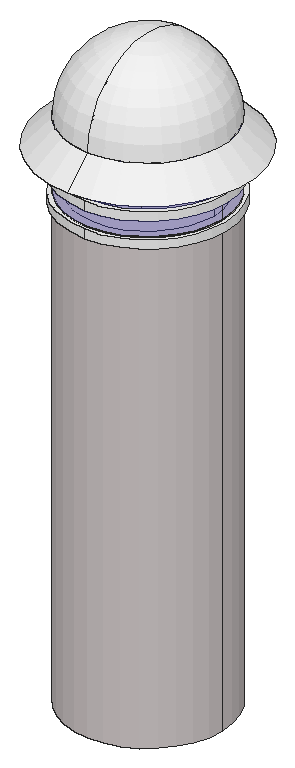
Revit family
Parameters (values of type "228mm Diameter")
  Wattage = 12.1178 W
  built-in parameter 1150110 = 1 (stored number, unit not read)
  built-in parameter 1114217 = 1 (stored number, unit not read)
  built-in parameter 1150109 = 1 (stored number, unit not read)
  built-in parameter 1150134 = 3
  built-in parameter 1150113 = 1 (stored number, unit not read)
  built-in parameter 1150105 = 143.24 (stored number, unit not read)
  built-in parameter 1150115 = 1 (stored number, unit not read)
  Light Source Symbol Size = 609.60 mm
  built-in parameter 1150137 = (empty or 0)
  built-in parameter 1150139 = (empty or 0)
  built-in parameter 1150112 = 1 (stored number, unit not read)
  built-in parameter 1150114 = 1 (stored number, unit not read)
  built-in parameter 1150132 = 2
  built-in parameter 1150102 = (empty or 0)
  built-in parameter 1150107 = 3200 (stored number, unit not read)
  built-in parameter 1150138 = (empty or 0)
  built-in parameter 1150106 = 1.4324 (stored number, unit not read)
  built-in parameter 1150104 = 13.8 (stored number, unit not read)
  Dimming Lamp Color Temperature Shift = (empty or 0)
  Color Filter = 16777215
  Cap Material = Metal - Steel, Polished
  Base Material = Concrete - Precast Concrete
  Lumens = 1800 lm
  built-in parameter 1114218 = 1 (stored number, unit not read)
  built-in parameter 1150133 = 10 (stored number, unit not read)
Reference planes
  plane 1 "Light Source Axis": y = -114.3
  plane 2: z = 0
  plane 3 "Light Source Axis": x = -114.3
  plane 4 "Light Source Elevation": z = 762
  plane 5: y = 0
  plane 6: x = 0
  plane 7: y = -228.6
  plane 8: x = -228.6
  plane 9: z = 914.4
  plane 10: z = 800.1
  plane 11: z = 698.5
Forms (mm)
  Extrusion 1, solid, material "Concrete - Precast Concrete" <- "Base Material"
    sketch origin (0, 0, 0) x (1, 0, 0) y (0, 1, 0)
      loop
        circle (-114.3, -114.3) r 114.3
    from 0 to 698.5
  Extrusion 2, solid, material "Glass"
    sketch origin (0, 0, 0) x (1, 0, 0) y (0, 1, 0)
      loop
        circle (-114.3, -114.3) r 114.3
      loop
        circle (-114.3, -114.3) r 101.6
    from 698.5 to 800.1
  Revolve 3, solid, material "Metal - Steel, Polished" <- "Cap Material"
    sketch origin (-114.3, 0, 0) x (0, 1, 0) y (0, 0, 1)
      loop
        line (-114.3, 914.4) -> (-114.3, 901.7) -> (0, 787.4) -> (0, 762) -> (38.1, 762) -> (0, 800.1)
        arc (0, 800.1) -> (-33.478, 880.922) -> (-114.3, 914.4) r 114.3
      loop
        line (0, 698.5) -> (0, 685.8) -> (6.35, 685.8) -> (6.35, 698.5) -> (0, 698.5)
      loop
        line (0, 736.6) -> (0, 723.9) -> (6.35, 723.9) -> (6.35, 736.6) -> (0, 736.6)
      axis (-114.3, 914.4) -> (-114.3, 685.8)
    angle from 0 to 360
Lines and regions (mm)
  symbolic lines, style "Exterior"
    curve 1: arc (0, -114.3, 0) -> (-114.3, 0, 0) -> (-228.6, -114.3, 0) r 114.3
    curve 2: arc (-228.6, -114.3, 0) -> (-114.3, -228.6, 0) -> (0, -114.3, 0) r 114.3
    curve 3: arc (38.1, -114.3, 0) -> (-114.3, 38.1, 0) -> (-266.7, -114.3, 0) r 152.4
    curve 4: arc (-266.7, -114.3, 0) -> (-114.3, -266.7, 0) -> (38.1, -114.3, 0) r 152.4
Dimensions and locks
  equal spacing: plane 8, plane 3 "Light Source Axis", plane 6
  plane 8 to plane 6 = 228.60 mm
  plane 7 to plane 5 = 228.60 mm
  equal spacing: plane 7, plane 1 "Light Source Axis", plane 5
  plane 4 "Light Source Elevation" to plane 2 = 762.00 mm
  plane 9 to plane 2 = 914.40 mm
  locked: plane 9 to plane 10 at 114.3
  locked: plane 10 to plane 11 at 101.6
  aligned and locked: Extrusion 1 to plane 11
  aligned and locked: Extrusion 2 to plane 10
  aligned and locked: Extrusion 2 to Extrusion 1
  aligned and locked: plane 3 "Light Source Axis" to imposter light
  aligned and locked: plane 1 "Light Source Axis" to imposter light
  aligned and locked: plane 4 "Light Source Elevation" to imposter light
